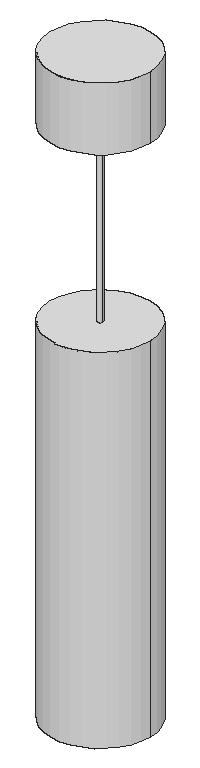
Revit family "POLO-HANG-LONG300", category Осветительные приборы, Revit 2017
Family settings
  Размер круглого соединителя = Использовать диаметр
  Тип детали = Нормальный
  На основе рабочей плоскости = Нет
  Всегда вертикально = Да
  При загрузке вырезать с полостями = Нет
  Источник света = Да
  Общий = Нет
  Точка расчета площади = Нет
Parameters (values of type "027421 Светильник SP-POLO-HANG-LONG300-R85-15W White5000 (WH-GD, 40 deg)")
  built-in parameter 1150104 = 13.8 (stored number, unit not read)
  built-in parameter 1150134 = 2
  Файл фотометрической сетки = "027421 SP-POLO-HANG-LONG300-R85-15W White5000 (WH-GD, 40 deg).ies"
  Tilt Angle = 90.00°
  built-in parameter 1150137 = (empty or 0)
  built-in parameter 1150132 = 2
  built-in parameter 1150114 = 1 (stored number, unit not read)
  Dimming Lamp Color Temperature Shift = (empty or 0)
  built-in parameter 1150105 = 87.535 (stored number, unit not read)
  Color Filter = 16777215
  Lumens = 1100 lm
  Разработчик (телефон) = "+7 (495) 781-05-35"  # constant formula
  Разработчик (e-mail) = "info@constructor.ru"  # constant formula
  Разработчик (URL) = "https://constructor.ru/"  # constant formula
  Разработчик = "НТЦ Конструктор"  # constant formula
  Контакты ООО "Арлайт РУС" для получения счёта = "roman@transistor.ru, T +7 495 926 56 50 (доб.1115), моб. +7 (925) 871-32-07"  # constant formula
  Изготовитель (телефон) = "8 800 505 26 29"  # constant formula
  Изготовитель (сайт) = "www.arlight.ru"  # constant formula
  Длина шнура светильника [instance] = if([Длина шнура (max 1500)] > 1500 mm, 1500 mm, [Длина шнура (max 1500)])  # 150 mm
  built-in parameter 1150109 = 1 (stored number, unit not read)
  built-in parameter 1150112 = 1 (stored number, unit not read)
  built-in parameter 1150110 = 1 (stored number, unit not read)
  built-in parameter 1150113 = 1 (stored number, unit not read)
  built-in parameter 1150115 = 1 (stored number, unit not read)
  built-in parameter 1114218 = 1 (stored number, unit not read)
  built-in parameter 1114217 = 1 (stored number, unit not read)
  Apparent Load = ADSK_Номинальная мощность / ADSK_Коэффициент мощности  # 16.6667 VA
  built-in parameter 1150106 = 0.87535 (stored number, unit not read)
  Описание = "Подвесной светильник 15 Вт, белый круглый корпус, цветная вставка, металл. Цвет свечения БЕЛЫЙ 5000K, св.поток 1100лм, CRI(Ra)>80, угол 40°. Размер Ø85x300 мм, встроенный драйвер PRI:220-240VAC, SEC:DC 350mA 30-43V 15 Вт"
  built-in parameter 1150133 = 10 (stored number, unit not read)
  Wattage = 7.40531 W
  built-in parameter 1150139 = (empty or 0)
  Комментарии к типоразмеру = "Арт. 027421"
  built-in parameter 1150138 = (empty or 0)
  built-in parameter 1150107 = 5000 (stored number, unit not read)
  built-in parameter 1150102 = (empty or 0)
  Emit from Circle Diameter = ADSK_Размер_Диаметр - 4 mm  # 81 mm
  Изготовитель = "ARLIGHT"  # constant formula
  Длина шнура (max 1500) [instance] = 150 mm
  Группа модели = "Светильники"  # constant formula
  Видимая форма излучения при визуализации = no
  URL = "https://arlight.ru/catalog/product/svetilnik-sp-polo-hang-long300-r85-15w-white5000-wh-gd-40-deg-027421/"
  ARL_Цвет свечения = "Дневной 5000K"
  ARL_Цвет покрытия = "Белый"
  ARL_Угол обзора = "40°"
  ARL_Тип товара = "Светильник"
  ARL_Способ монтажа = "Подвесной"
  ARL_Серия = "POLO"
  ARL_Рабочая температура окружающей среды = "-25…+45"
  ARL_Обозначение корпуса = "Корпус круглый, металл, цвет белый"
  ARL_Область использования = "Категория размещения - 4"
  ARL_Материал корпуса = Металл, белый
  ARL_Материал вставки = Металл, цветной
  ARL_Класс пылевлагозащиты = "IP20"
  ARL_Класс защиты от поражения электрическим током = "I"
  ARL_Индекс цветопередачи = ">80"
  ARL_Драйвер = "Встроенный (PRI:220-240VAC)"
  ADSK_Ток = ADSK_Номинальная мощность / (ADSK_Коэффициент мощности * ADSK_Напряжение * sqrt(ADSK_Количество фаз числовое))  # 0.0724638 A
  ADSK_Размер_Длина = 300 mm
  ADSK_Размер_Диаметр = 85 mm
  ADSK_Примечание = ""
  ADSK_Полная мощность = ADSK_Номинальная мощность / ADSK_Коэффициент мощности  # 16.6667 VA
  ADSK_Позиция = ""
  ADSK_Номинальная мощность = 15 W
  ADSK_Напряжение = 230 V
  ADSK_Наименование = "Светильник"
  ADSK_Масса_Текст = "1.26"
  ADSK_Марка = "SP-POLO-HANG-LONG300-R85-15W White5000"
  ADSK_Коэффициент мощности = 0.9
  ADSK_Количество фаз числовое = 1
  ADSK_Количество фаз = 1
  ADSK_Код изделия = Комментарии к типоразмеру  # "Арт. 027421"
  ADSK_Классификация нагрузок = Освещение
  ADSK_Завод-изготовитель = Изготовитель  # "ARLIGHT"
  ADSK_Единица измерения = "шт."
Types (18, lengths in mm): name | built-in parameter 1150134 | Файл фотометрической сетки | Описание | Комментарии к типоразмеру | built-in parameter 1150107 | URL | ARL_Цвет свечения | ARL_Цвет покрытия | ARL_Обозначение корпуса | ARL_Материал корпуса | ARL_Материал вставки | ADSK_Марка | ADSK_Код изделия
  027419 Светильник SP-POLO-HANG-LONG300-R85-15W White5000 (WH-BK, 40 deg) | 2 | "027419 SP-POLO-HANG-LONG300-R85-15W White5000 (WH-BK, 40 deg).ies" | "Подвесной светильник 15 Вт, белый круглый корпус, черная вставка, металл. Цвет свечения БЕЛЫЙ 5000K, св.поток 1100лм, CRI(Ra)>80, угол 40°. Размер Ø85x300 мм, встроенный драйвер PRI:220-240VAC, SEC:DC 350mA 30-43V 15 Вт" | "Арт. 027419" | 5000 (stored number, unit not read) | "https://arlight.ru/catalog/product/svetilnik-sp-polo-hang-long300-r85-15w-white5000-wh-bk-40-deg-027419/" | "Дневной 5000K" | "Белый" | "Корпус круглый, металл, цвет белый" | Металл, белый | Металл, чёрный | "SP-POLO-HANG-LONG300-R85-15W White5000" | "Арт. 027419"
  027421 Светильник SP-POLO-HANG-LONG300-R85-15W White5000 (WH-GD, 40 deg) | 2 | "027421 SP-POLO-HANG-LONG300-R85-15W White5000 (WH-GD, 40 deg).ies" | "Подвесной светильник 15 Вт, белый круглый корпус, цветная вставка, металл. Цвет свечения БЕЛЫЙ 5000K, св.поток 1100лм, CRI(Ra)>80, угол 40°. Размер Ø85x300 мм, встроенный драйвер PRI:220-240VAC, SEC:DC 350mA 30-43V 15 Вт" | "Арт. 027421" | 5000 (stored number, unit not read) | "https://arlight.ru/catalog/product/svetilnik-sp-polo-hang-long300-r85-15w-white5000-wh-gd-40-deg-027421/" | "Дневной 5000K" | "Белый" | "Корпус круглый, металл, цвет белый" | Металл, белый | Металл, цветной | "SP-POLO-HANG-LONG300-R85-15W White5000" | "Арт. 027421"
  027420 Светильник SP-POLO-HANG-LONG300-R85-15W White5000 (WH-WH, 40 deg) | 2 | "027420 SP-POLO-HANG-LONG300-R85-15W White5000 (WH-WH, 40 deg).ies" | "Подвесной светильник 15 Вт, белый круглый корпус, белая вставка, металл. Цвет свечения БЕЛЫЙ 5000K, св.поток 1100лм, CRI(Ra)>80, угол 40°. Размер Ø85x300 мм, встроенный драйвер PRI:220-240VAC, SEC:DC 350mA 30-43V 15 Вт" | "Арт. 027420" | 5000 (stored number, unit not read) | "https://arlight.ru/catalog/product/svetilnik-sp-polo-hang-long300-r85-15w-white5000-wh-wh-40-deg-027420/" | "Дневной 5000K" | "Белый" | "Корпус круглый, металл, цвет белый" | Металл, белый | Металл, белый | "SP-POLO-HANG-LONG300-R85-15W White5000" | "Арт. 027420"
  027407 Светильник SP-POLO-HANG-LONG300-R85-15W Day4000 (WH-BK, 40 deg) | 12 | "027407 SP-POLO-HANG-LONG300-R85-15W Day4000 (WH-BK, 40 deg).ies" | "Подвесной светильник 15 Вт, белый круглый корпус, черная вставка, металл. Цвет свечения ДНЕВНОЙ 4000K, св.поток 1100лм, CRI(Ra)>80, угол 40°. Размер Ø85x300 мм, встроенный драйвер PRI:220-240VAC, SEC:DC 350mA 30-43V 15 Вт" | "Арт. 027407" | 4000 (stored number, unit not read) | "https://arlight.ru/catalog/product/svetilnik-sp-polo-hang-long300-r85-15w-day4000-wh-bk-40-deg-027407/" | "Дневной 4000K" | "Белый" | "Корпус круглый, металл, цвет белый" | Металл, белый | Металл, чёрный | "SP-POLO-HANG-LONG300-R85-15W Day4000" | "Арт. 027407"
  027409 Светильник SP-POLO-HANG-LONG300-R85-15W Day4000 (WH-GD, 40 deg) | 12 | "027409 SP-POLO-HANG-LONG300-R85-15W Day4000 (WH-GD, 40 deg).ies" | "Подвесной светильник 15 Вт, белый круглый корпус, цветная вставка, металл. Цвет свечения ДНЕВНОЙ 4000K, св.поток 1100лм, CRI(Ra)>80, угол 40°. Размер Ø85x300 мм, встроенный драйвер PRI:220-240VAC, SEC:DC 350mA 30-43V 15 Вт" | "Арт. 027409" | 4000 (stored number, unit not read) | "https://arlight.ru/catalog/product/svetilnik-sp-polo-hang-long300-r85-15w-day4000-wh-gd-40-deg-027409/" | "Дневной 4000K" | "Белый" | "Корпус круглый, металл, цвет белый" | Металл, белый | Металл, цветной | "SP-POLO-HANG-LONG300-R85-15W Day4000" | "Арт. 027409"
  027408 Светильник SP-POLO-HANG-LONG300-R85-15W Day4000 (WH-WH, 40 deg) | 12 | "027408 SP-POLO-HANG-LONG300-R85-15W Day4000 (WH-WH, 40 deg).ies" | "Подвесной светильник 15 Вт, белый круглый корпус, белая вставка, металл. Цвет свечения ДНЕВНОЙ 4000K, св.поток 1100лм, CRI(Ra)>80, угол 40°. Размер Ø85x300 мм, встроенный драйвер PRI:220-240VAC, SEC:DC 350mA 30-43V 15 Вт" | "Арт. 027408" | 4000 (stored number, unit not read) | "https://arlight.ru/catalog/product/svetilnik-sp-polo-hang-long300-r85-15w-day4000-wh-wh-40-deg-027408/" | "Дневной 4000K" | "Белый" | "Корпус круглый, металл, цвет белый" | Металл, белый | Металл, белый | "SP-POLO-HANG-LONG300-R85-15W Day4000" | "Арт. 027408"
  027413 Светильник SP-POLO-HANG-LONG300-R85-15W Warm3000 (WH-BK, 40 deg) | (empty or 0) | "027413 SP-POLO-HANG-LONG300-R85-15W Warm3000 (WH-BK, 40 deg).ies" | "Подвесной светильник 15 Вт, белый круглый корпус, черная вставка, металл. Цвет свечения БЕЛЫЙ ТЕПЛЫЙ 3000K, св.поток 1100лм, CRI(Ra)>80, угол 40°. Размер Ø85x300 мм, встроенный драйвер PRI:220-240VAC, SEC:DC 350mA 30-43V 15 Вт" | "Арт. 027413" | 3000 (stored number, unit not read) | "https://arlight.ru/catalog/product/svetilnik-sp-polo-hang-long300-r85-15w-warm3000-wh-bk-40-deg-027413/" | "Теплый 3000K" | "Белый" | "Корпус круглый, металл, цвет белый" | Металл, белый | Металл, чёрный | "SP-POLO-HANG-LONG300-R85-15W Warm3000" | "Арт. 027413"
  027415 Светильник SP-POLO-HANG-LONG300-R85-15W Warm3000 (WH-GD, 40 deg) | (empty or 0) | "027415 SP-POLO-HANG-LONG300-R85-15W Warm3000 (WH-GD, 40 deg).ies" | "Подвесной светильник 15 Вт, белый круглый корпус, цветная вставка, металл. Цвет свечения БЕЛЫЙ ТЕПЛЫЙ 3000K, св.поток 1100лм, CRI(Ra)>80, угол 40°. Размер Ø85x300 мм, встроенный драйвер PRI:220-240VAC, SEC:DC 350mA 30-43V 15 Вт" | "Арт. 027415" | 3000 (stored number, unit not read) | "https://arlight.ru/catalog/product/svetilnik-sp-polo-hang-long300-r85-15w-warm3000-wh-gd-40-deg-027415/" | "Теплый 3000K" | "Белый" | "Корпус круглый, металл, цвет белый" | Металл, белый | Металл, цветной | "SP-POLO-HANG-LONG300-R85-15W Warm3000" | "Арт. 027415"
  027414 Светильник SP-POLO-HANG-LONG300-R85-15W Warm3000 (WH-WH, 40 deg) | (empty or 0) | "027414 SP-POLO-HANG-LONG300-R85-15W Warm3000 (WH-WH, 40 deg).ies" | "Подвесной светильник 15 Вт, белый круглый корпус, белая вставка, металл. Цвет свечения БЕЛЫЙ ТЕПЛЫЙ 3000K, св.поток 1100лм, CRI(Ra)>80, угол 40°. Размер Ø85x300 мм, встроенный драйвер PRI:220-240VAC, SEC:DC 350mA 30-43V 15 Вт" | "Арт. 027414" | 3000 (stored number, unit not read) | "https://arlight.ru/catalog/product/svetilnik-sp-polo-hang-long300-r85-15w-warm3000-wh-wh-40-deg-027414/" | "Теплый 3000K" | "Белый" | "Корпус круглый, металл, цвет белый" | Металл, белый | Металл, белый | "SP-POLO-HANG-LONG300-R85-15W Warm3000" | "Арт. 027414"
  027416 Светильник SP-POLO-HANG-LONG300-R85-15W White5000 (BK-BK, 40 deg) | 2 | "027416 SP-POLO-HANG-LONG300-R85-15W White5000 (BK-BK, 40 deg).ies" | "Подвесной светильник 15 Вт, черный круглый корпус, черная вставка, металл. Цвет свечения БЕЛЫЙ 5000K, св.поток 1100лм, CRI(Ra)>80, угол 40°. Размер Ø85x300 мм, встроенный драйвер PRI:220-240VAC, SEC:DC 350mA 30-43V 15 Вт" | "Арт. 027416" | 5000 (stored number, unit not read) | "https://arlight.ru/catalog/product/svetilnik-sp-polo-hang-long300-r85-15w-white5000-bk-bk-40-deg-027416/" | "Дневной 5000K" | "Черный" | "Корпус круглый, металл, цвет черный" | Металл, чёрный | Металл, чёрный | "SP-POLO-HANG-LONG300-R85-15W White5000" | "Арт. 027416"
  027418 Светильник SP-POLO-HANG-LONG300-R85-15W White5000 (BK-GD, 40 deg) | 2 | "027418 SP-POLO-HANG-LONG300-R85-15W White5000 (BK-GD, 40 deg).ies" | "Подвесной светильник 15 Вт, черный круглый корпус, цветная вставка, металл. Цвет свечения БЕЛЫЙ 5000K, св.поток 1100лм, CRI(Ra)>80, угол 40°. Размер Ø85x300 мм, встроенный драйвер PRI:220-240VAC, SEC:DC 350mA 30-43V 15 Вт" | "Арт. 027418" | 5000 (stored number, unit not read) | "https://arlight.ru/catalog/product/svetilnik-sp-polo-hang-long300-r85-15w-white5000-bk-gd-40-deg-027418/" | "Дневной 5000K" | "Черный" | "Корпус круглый, металл, цвет черный" | Металл, чёрный | Металл, цветной | "SP-POLO-HANG-LONG300-R85-15W White5000" | "Арт. 027418"
  027417 Светильник SP-POLO-HANG-LONG300-R85-15W White5000 (BK-WH, 40 deg) | 2 | "027417 SP-POLO-HANG-LONG300-R85-15W White5000 (BK-WH, 40 deg).ies" | "Подвесной светильник 15 Вт, черный круглый корпус, белая вставка, металл. Цвет свечения БЕЛЫЙ 5000K, св.поток 1100лм, CRI(Ra)>80, угол 40°. Размер Ø85x300 мм, встроенный драйвер PRI:220-240VAC, SEC:DC 350mA 30-43V 15 Вт" | "Арт. 027417" | 5000 (stored number, unit not read) | "https://arlight.ru/catalog/product/svetilnik-sp-polo-hang-long300-r85-15w-white5000-bk-wh-40-deg-027417/" | "Дневной 5000K" | "Черный" | "Корпус круглый, металл, цвет черный" | Металл, чёрный | Металл, белый | "SP-POLO-HANG-LONG300-R85-15W White5000" | "Арт. 027417"
  027372 Светильник SP-POLO-HANG-LONG300-R85-15W Day4000 (BK-BK, 40 deg) | 12 | "027372 SP-POLO-HANG-LONG300-R85-15W Day4000 (BK-BK, 40 deg).ies" | "Подвесной светильник 15 Вт, черный круглый корпус, черная вставка, металл. Цвет свечения ДНЕВНОЙ 4000K, св.поток 1100лм, CRI(Ra)>80, угол 40°. Размер Ø85x300 мм, встроенный драйвер PRI:220-240VAC, SEC:DC 350mA 30-43V 15 Вт" | "Арт. 027372" | 4000 (stored number, unit not read) | "https://arlight.ru/catalog/product/svetilnik-sp-polo-hang-long300-r85-15w-day4000-bk-bk-40-deg-027372/" | "Дневной 4000K" | "Черный" | "Корпус круглый, металл, цвет черный" | Металл, чёрный | Металл, чёрный | "SP-POLO-HANG-LONG300-R85-15W Day4000" | "Арт. 027372"
  027406 Светильник SP-POLO-HANG-LONG300-R85-15W Day4000 (BK-GD, 40 deg) | 12 | "027406 SP-POLO-HANG-LONG300-R85-15W Day4000 (BK-GD, 40 deg).ies" | "Подвесной светильник 15 Вт, черный круглый корпус, цветная вставка, металл. Цвет свечения ДНЕВНОЙ 4000K, св.поток 1100лм, CRI(Ra)>80, угол 40°. Размер Ø85x300 мм, встроенный драйвер PRI:220-240VAC, SEC:DC 350mA 30-43V 15 Вт" | "Арт. 027406" | 4000 (stored number, unit not read) | "https://arlight.ru/catalog/product/svetilnik-sp-polo-hang-long300-r85-15w-day4000-bk-gd-40-deg-027406/" | "Дневной 4000K" | "Черный" | "Корпус круглый, металл, цвет черный" | Металл, чёрный | Металл, цветной | "SP-POLO-HANG-LONG300-R85-15W Day4000" | "Арт. 027406"
  027405 Светильник SP-POLO-HANG-LONG300-R85-15W Day4000 (BK-WH, 40 deg) | 12 | "027405 SP-POLO-HANG-LONG300-R85-15W Day4000 (BK-WH, 40 deg).ies" | "Подвесной светильник 15 Вт, черный круглый корпус, белая вставка, металл. Цвет свечения ДНЕВНОЙ 4000K, св.поток 1100лм, CRI(Ra)>80, угол 40°. Размер Ø85x300 мм, встроенный драйвер PRI:220-240VAC, SEC:DC 350mA 30-43V 15 Вт" | "Арт. 027405" | 4000 (stored number, unit not read) | "https://arlight.ru/catalog/product/svetilnik-sp-polo-hang-long300-r85-15w-day4000-bk-wh-40-deg-027405/" | "Дневной 4000K" | "Черный" | "Корпус круглый, металл, цвет черный" | Металл, чёрный | Металл, белый | "SP-POLO-HANG-LONG300-R85-15W Day4000" | "Арт. 027405"
  027410 Светильник SP-POLO-HANG-LONG300-R85-15W Warm3000 (BK-BK, 40 deg) | (empty or 0) | "027410 SP-POLO-HANG-LONG300-R85-15W Warm3000 (BK-BK, 40 deg).ies" | "Подвесной светильник 15 Вт, черный круглый корпус, черная вставка, металл. Цвет свечения БЕЛЫЙ ТЕПЛЫЙ 3000K, св.поток 1100лм, CRI(Ra)>80, угол 40°. Размер Ø85x300 мм, встроенный драйвер PRI:220-240VAC, SEC:DC 350mA 30-43V 15 Вт" | "Арт. 027410" | 3000 (stored number, unit not read) | "https://arlight.ru/catalog/product/svetilnik-sp-polo-hang-long300-r85-15w-warm3000-bk-bk-40-deg-027410/" | "Теплый 3000K" | "Черный" | "Корпус круглый, металл, цвет черный" | Металл, чёрный | Металл, чёрный | "SP-POLO-HANG-LONG300-R85-15W Warm3000" | "Арт. 027410"
  027412 Светильник SP-POLO-HANG-LONG300-R85-15W Warm3000 (BK-GD, 40 deg) | (empty or 0) | "027412 SP-POLO-HANG-LONG300-R85-15W Warm3000 (BK-GD, 40 deg).ies" | "Подвесной светильник 15 Вт, черный круглый корпус, цветная вставка, металл. Цвет свечения БЕЛЫЙ ТЕПЛЫЙ 3000K, св.поток 1100лм, CRI(Ra)>80, угол 40°. Размер Ø85x300 мм, встроенный драйвер PRI:220-240VAC, SEC:DC 350mA 30-43V 15 Вт" | "Арт. 027412" | 3000 (stored number, unit not read) | "https://arlight.ru/catalog/product/svetilnik-sp-polo-hang-long300-r85-15w-warm3000-bk-gd-40-deg-027412/" | "Теплый 3000K" | "Черный" | "Корпус круглый, металл, цвет черный" | Металл, чёрный | Металл, цветной | "SP-POLO-HANG-LONG300-R85-15W Warm3000" | "Арт. 027412"
  027411 Светильник SP-POLO-HANG-LONG300-R85-15W Warm3000 (BK-WH, 40 deg) | (empty or 0) | "027411 SP-POLO-HANG-LONG300-R85-15W Warm3000 (BK-WH, 40 deg).ies" | "Подвесной светильник 15 Вт, черный круглый корпус, белая вставка, металл. Цвет свечения БЕЛЫЙ ТЕПЛЫЙ 3000K, св.поток 1100лм, CRI(Ra)>80, угол 40°. Размер Ø85x300 мм, встроенный драйвер PRI:220-240VAC, SEC:DC 350mA 30-43V 15 Вт" | "Арт. 027411" | 3000 (stored number, unit not read) | "https://arlight.ru/catalog/product/svetilnik-sp-polo-hang-long300-r85-15w-warm3000-bk-wh-40-deg-027411/" | "Теплый 3000K" | "Черный" | "Корпус круглый, металл, цвет черный" | Металл, чёрный | Металл, белый | "SP-POLO-HANG-LONG300-R85-15W Warm3000" | "Арт. 027411"
Reference planes
  plane 1 "По центру (Вперед/Назад)": y = 0
  plane 2: z = 0
  plane 3 "По центру (Влево/Вправо)": x = 0
  plane 4: x = -42.5
  plane 5: x = 42.5
  plane 6: y = 42.5
  plane 7: y = -42.5
  plane 8: z = -54
  plane 9: z = -204
  plane 10: z = -504
Forms (mm)
  Extrusion 1, solid, material "Металл, белый" <- "ARL_Материал корпуса", detail levels medium+fine
    sketch origin (0, 0, 0) x (1, 0, 0) y (0, 1, 0)
      loop
        circle (0, -0.012) r 42.5
    from 0 to -54
  Extrusion 2, solid, material "Металл, белый" <- "ARL_Материал корпуса", detail levels medium+fine
    sketch origin (0, 0, 0) x (1, 0, 0) y (0, 1, 0)
      loop
        circle (0, 0) r 2
    from -204 to -54
  Extrusion 3, solid, material "Металл, белый" <- "ARL_Материал корпуса", detail levels medium+fine
    sketch origin (0, 0, 0) x (1, 0, 0) y (0, 1, 0)
      loop
        circle (-0.002, 0) r 42.5
    from -504 to -204
  Extrusion 4, void
    sketch origin (0, 0, 0) x (1, 0, 0) y (0, 1, 0)
      loop
        circle (-0.002, 0) r 41
    from -504 to -474
  Extrusion 5, solid, material "Стекло, белое, высокой яркости", detail levels fine
    sketch origin (0, 0, 0) x (1, 0, 0) y (0, 1, 0)
      loop
        circle (-0.002, 0) r 41
    from -474 to -484
  Extrusion 6, solid, material "Металл, цветной" <- "ARL_Материал вставки", detail levels medium+fine
    sketch origin (0, 0, 0) x (1, 0, 0) y (0, 1, 0)
      loop
        circle (-0.002, 0) r 41
      loop
        circle (-0.002, 0) r 40
    from -504 to -474
  Extrusion 7, solid, material "Металл, белый" <- "ARL_Материал корпуса", detail levels coarse
    sketch origin (0, 0, 0) x (1, 0, 0) y (0, 1, 0)
      loop
        circle (0, -0.012) r 42.5
    from 0 to -54
  Extrusion 8, solid, material "Металл, белый" <- "ARL_Материал корпуса", detail levels coarse
    sketch origin (0, 0, 0) x (1, 0, 0) y (0, 1, 0)
      loop
        circle (0, 0) r 2
    from -204 to -54
  Extrusion 9, solid, material "Металл, белый" <- "ARL_Материал корпуса", detail levels coarse
    sketch origin (0, 0, 0) x (1, 0, 0) y (0, 1, 0)
      loop
        circle (-0.002, 0) r 42.5
    from -504 to -204
Cuts and joins
  Extrusion 4 cuts Extrusion 3
Dimensions and locks
  locked: plane 2 to plane 8 at 54
  "Длина шнура светильника": plane 8 to plane 9
  "ADSK_Размер_Длина": plane 9 to plane 10
  "ADSK_Размер_Диаметр": plane 4 to plane 5
  "ADSK_Размер_Диаметр": plane 6 to plane 7
  equal spacing: plane 6, plane 1 "По центру (Вперед/Назад)", plane 7
  equal spacing: plane 4, plane 3 "По центру (Влево/Вправо)", plane 5
  locked: Extrusion 4 sketch curve to Extrusion 1 at 1.502
  locked: cut or joined group of Extrusion 3, Extrusion 4 to plane 10 at 30
  locked: cut or joined group of Extrusion 3, Extrusion 4 to Extrusion 5 at 10
  "ADSK_Размер_Диаметр": diameter of Extrusion 1 sketch curve
  "ADSK_Размер_Диаметр": diameter of Extrusion 3 sketch curve
  "ADSK_Размер_Диаметр": diameter of Extrusion 7 sketch curve
  "ADSK_Размер_Диаметр": diameter of Extrusion 9 sketch curve
  aligned and locked: level to plane 2
  aligned and locked: Extrusion 1 to plane 8
  aligned and locked: Extrusion 2 to plane 9
  aligned and locked: plane 8 to Extrusion 2
  aligned and locked: Extrusion 3 to plane 10
  aligned and locked: plane 9 to Extrusion 3
  aligned and locked: plane 10 to imposter light
  aligned and locked: Extrusion 5 to cut or joined group of Extrusion 3, Extrusion 4
  aligned and locked: cut or joined group of Extrusion 3, Extrusion 4 to plane 10
  aligned and locked: Extrusion 6 to plane 10
  aligned and locked: Extrusion 6 to Extrusion 5
Automatic sketch dimensions
  Extrusion 1 sketch curve to plane 3 "По центру (Влево/Вправо)" = 0 mm
  plane 1 "По центру (Вперед/Назад)" to Extrusion 1 sketch curve = 0.012 mm
  plane 1 "По центру (Вперед/Назад)" to Extrusion 2 sketch curve = 0 mm
  Extrusion 2 sketch curve to plane 3 "По центру (Влево/Вправо)" = 0 mm
  plane 1 "По центру (Вперед/Назад)" to Extrusion 3 sketch curve = 0 mm
  Extrusion 3 sketch curve to plane 3 "По центру (Влево/Вправо)" = 0.002 mm
  Extrusion 4 sketch curve to Extrusion 4 sketch curve = 0 mm  (x2)
  plane 1 "По центру (Вперед/Назад)" to Extrusion 4 sketch curve = 0 mm
  Extrusion 4 sketch curve to plane 3 "По центру (Влево/Вправо)" = 0.002 mm
  Extrusion 5 sketch curve to Extrusion 5 sketch curve = 0 mm  (x2)
  plane 1 "По центру (Вперед/Назад)" to Extrusion 5 sketch curve = 0 mm
  Extrusion 5 sketch curve to plane 3 "По центру (Влево/Вправо)" = 0.002 mm
  plane 4 to Extrusion 5 sketch curve = 1.498 mm
  Extrusion 6 sketch curve to Extrusion 6 sketch curve = 0 mm  (x12)
  plane 1 "По центру (Вперед/Назад)" to Extrusion 6 sketch curve = 0 mm
  Extrusion 6 sketch curve to plane 3 "По центру (Влево/Вправо)" = 0.002 mm
  plane 4 to Extrusion 6 sketch curve = 2.498 mm
  Extrusion 6 sketch curve to Extrusion 6 sketch curve = 1 mm
  Extrusion 7 sketch curve to plane 3 "По центру (Влево/Вправо)" = 0 mm
  plane 1 "По центру (Вперед/Назад)" to Extrusion 7 sketch curve = 0.012 mm
  plane 1 "По центру (Вперед/Назад)" to Extrusion 8 sketch curve = 0 mm
  Extrusion 8 sketch curve to plane 3 "По центру (Влево/Вправо)" = 0 mm
  plane 1 "По центру (Вперед/Назад)" to Extrusion 9 sketch curve = 0 mm
  Extrusion 9 sketch curve to plane 3 "По центру (Влево/Вправо)" = 0.002 mm
  radius of Extrusion 2 sketch curve = 2 mm
  radius of Extrusion 8 sketch curve = 2 mm
Nested families
  nested 1: "УГО" at (0, 0, 0), type "УГО", detail levels coarse
Connectors
  electrical at (0, -0.012, 0), driven by "ADSK_Количество фаз", driven by "ADSK_Напряжение", driven by "ADSK_Полная мощность", driven by "ADSK_Коэффициент мощности"
    settings: on Extrusion 1, index 1, voltage 230 V, apparent load 16.6667 VA, apparent load phase1 0 VA, apparent load phase2 0 VA, apparent load phase3 0 VA, power factor 0.9, load classification "Освещение", number of poles 1, system type 30, power factor state 1, is connector primary yes, connector utility no, sub classification motor no, connector description ""
Definition of nested family "УГО"
  Reference planes
    plane 1: y = 0
    plane 2: x = 0
  Lines and regions (mm)
    detail lines
      curve 1: circle (0, 0, 0) r 2.462 normal (0, 0, 1)
      curve 2: line (1, 2.25, 0) -> (1, -2.25, 0)
      curve 3: line (-1, 2.25, 0) -> (-1, -2.25, 0)
